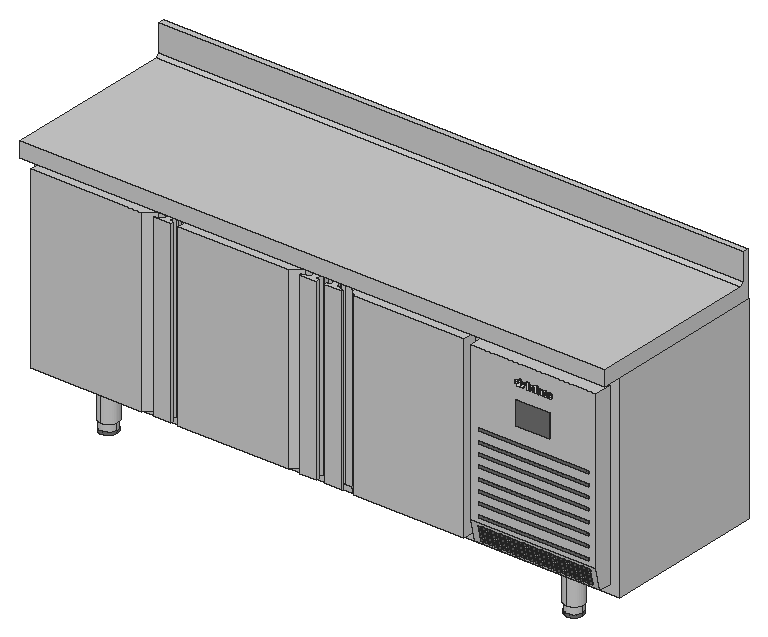
Revit family "QF_INFRICO_BMPP2000II_250812082759", category Specialty Equipment, Revit 2021
Family settings
  Round Connector Dimension = Use Diameter
  Part Type = Normal
  OmniClass Number = 23.40.40.14
  OmniClass Title = Food Service Equipment
  Work Plane-Based = No
  Always vertical = Yes
  Cut with Voids When Loaded = No
  Shared = No
  Room Calculation Point = No
Parameters (values of type "BMPP2000II-R290")
  Weight [instance] = 149.998 kg
  Waste Water Discharge Temperature [instance] = 0 °C
  Waste Remarks [instance] = ""
  Warranty Start Date [instance] = ""
  Warranty Duration [instance] = ""
  Volts [instance] = 230 V
  Volt Free Conn [instance] = no
  URL Recommended Spares List [instance] = ""
  URL Manufacturer [instance] = ""
  URL Cutsheet [instance] = ""
  URL Critical Spares List [instance] = ""
  URL = "www.infrico.com"
  Technical Documentation [instance] = ""
  Tag Number [instance] = ""
  Status [instance] = ""
  Start Up Current [instance] = 0 A
  Specification by User [instance] = ""
  Specification by Manufacturer [instance] = ""
  Sound Level [instance] = ""
  Show Logo [instance] = yes
  Show Clearances [instance] = yes
  Service Life Duration [instance] = ""
  Serial Number [instance] = ""
  Seismic Rating [instance] = ""
  SMACNA No [instance] = ""
  Revision Code [instance] = ""
  Revision [instance] = ""
  Production Year [instance] = ""
  Potential Equalisation [instance] = no
  Point Load [instance] = 0
  Plumbing Connection Type [instance] = ""
  Phase [instance] = 1
  Other Equipment Approvals [instance] = ""
  Operational Current [instance] = 0 A
  Number of Poles [instance] = 2
  No Load Power Draw [instance] = no
  NAFEM Spec ID Number [instance] = ""
  Model Warning [instance] = ""
  Model = "BMPP2000II"
  Min Ckt Ampacity [instance] = 0 A
  Max Overcurrent Protection [instance] = 0 A
  Masterspec [instance] = ""
  Manufacturer = "INFRICO"
  Main switch integrated [instance] = no
  Length Actual [instance] = 1960.118 mm
  Item Number [instance] = ""
  Installed By [instance] = ""
  Installation Date [instance] = ""
  Indirect Waste Size [instance] = 19.05 mm
  Indirect Waste Remarks [instance] = ""
  Indirect Waste Flow [instance] = 0.0 L/s
  Indirect Waste Connection Type [instance] = ""
  Indirect Waste Connection Height [instance] = 0 mm
  Identify Quantity as Lot [instance] = no
  ID [instance] = ""
  Hygiene Approval [instance] = ""
  Height Actual [instance] = 849.884 mm
  HP power [instance] = ""
  Furnished By [instance] = ""
  Foodservice Equipment Identifier [instance] = no
  FL Amps [instance] = 0 A
  Electrical Remarks [instance] = ""
  Electric power [instance] = 190 W
  Electric Connection Type [instance] = ""
  Elec Conn RI Height [instance] = 0 mm
  Elec Conn Connection Height [instance] = 0 mm
  ETL Approved [instance] = no
  Direct Waste Water Discharge Temperature [instance] = -273.15 °C
  Direct Waste Size [instance] = 19.05 mm
  Direct Waste RI Height [instance] = 0 mm
  Direct Waste Flow [instance] = 0.0 L/s
  Direct Waste Connection Height [instance] = 0 mm
  Description = "UNDERCOUNTER REFRIGERATOR 600 SERIES - R290"
  Depth Actual [instance] = 599.948 mm
  Default Elevation = 0 mm
  Cycle [instance] = 50 Hz
  Cost = 0
  Connection to energy optimisation system [instance] = yes
  Conn Plug [instance] = ""
  Conn Conduit [instance] = no
  Centralized building control system with digital interface [instance] = ""
  CSI MasterFormat [instance] = ""
  CE Approved [instance] = no
  Barcode [instance] = 0
  Author [instance] = ""
  Asset Identifier [instance] = ""
  Apparent Power [instance] = 190 VA
  Accessory [instance] = no
Reference planes
  plane 1 "Center (Front/Back)": y = 0
  plane 2: z = 0
  plane 3 "Center (Left/Right)": x = 0
Forms (mm)
  Extrusion 1, solid, not visible
    sketch origin (787.038, -112.005, 142.007) x (1, 0, 0) y (0, 1, 0)
      loop
        line (-2, 2) -> (-2, -2) -> (2, -2) -> (2, 2) -> (-2, 2)
    from -2 to 2
  Extrusion 2, solid, not visible
    sketch origin (1898.593, -61.503, 142.007) x (1, 0, 0) y (0, 1, 0)
      loop
        line (-2, 2) -> (-2, -2) -> (2, -2) -> (2, 2) -> (-2, 2)
    from -2 to 2
Dimensions and locks
  locked: nested 2 to Extrusion 1 at 2  (x2)
  locked: nested 3 to Extrusion 2 at 2  (x2)
  aligned and locked: level to plane 2
Nested families
  nested 1: "QF_INFRICO_BMPP2000_2920" at (0, 0, 140), type "BMPP2000II-R290"
    with Weight 149.998 kg, Warranty Start Date "", Warranty Duration "", URL Cutsheet "", Technical Documentation "", Tag Number "", Status "", Specification by User "", Specification by Manufacturer "", Sound Level "", Solid Fuel Type "", Show Logo yes, Show Clearances yes, Show Clearance yes, Service Life Duration "", Serial Number "", Seismic Rating "", SMACNA No "", Revision Code "", Revision "", Production Year "", Point Load 0, Other Equipment Approvals "", NAFEM Spec ID Number "", Model Warning "", Masterspec "", Length Actual 1960.118 mm, Item Number "", Installed By "", Installation Date "", Identify Quantity as Lot yes, ID "", Hygiene Approval "", Height Actual 849.884 mm, Furnished By "", Foodservice Equipment Identifier yes, ETL Approved yes, Depth Actual 599.948 mm, CSI MasterFormat "", CE Approved no, Barcode "", Author "", Asset Identifier "", Accessory no
  nested 2: "CONN_POINT_DRAIN_2D___Generic_Annotation" at (787.038, -112.005, 140.007), type "CONN_POINT_DRAIN_2D___Generic_Annotation"
    with Onboard connection annotation symbol visibility yes
  nested 3: "CONN_POINT_ELE_2D___Generic_Annotation" at (1898.593, -61.503, 140.007), type "CONN_POINT_ELE_2D___Generic_Annotation"
    with Onboard connection annotation symbol visibility yes
  nested 4: "QF_INFRICO_BMGN_DOOR_SX_4851" at (22, -538, 168), type "BMGN_DOOR_SX"
    with Weight 0.00 kg, Warranty Start Date "", Warranty Duration "", URL Cutsheet "", Technical Documentation "", Tag Number "", Status "", Specification by User "", Specification by Manufacturer "", Sound Level "", Solid Fuel Type "", Show Logo yes, Show Clearances yes, Show Clearance yes, Service Life Duration "", Serial Number "", Seismic Rating "", SMACNA No "", Revision Code "", Revision "", Production Year "", Point Load 0, Other Equipment Approvals "", NAFEM Spec ID Number "", Model Warning "", Masterspec "", Length Actual 467.106 mm, Item Number "", Installed By "", Installation Date "", Identify Quantity as Lot yes, ID "", Hygiene Approval "", Height Actual 596.9 mm, Furnished By "", Foodservice Equipment Identifier yes, ETL Approved yes, Depth Actual 54.102 mm, CSI MasterFormat "", CE Approved no, Barcode "", Author "", Asset Identifier "", Accessory yes
  nested 5: "QF_INFRICO_BMGN_DOOR_SX_5632" at (514, -538, 168), type "BMGN_DOOR_SX"
    with Weight 0.00 kg, Warranty Start Date "", Warranty Duration "", URL Cutsheet "", Technical Documentation "", Tag Number "", Status "", Specification by User "", Specification by Manufacturer "", Sound Level "", Solid Fuel Type "", Show Logo yes, Show Clearances yes, Show Clearance yes, Service Life Duration "", Serial Number "", Seismic Rating "", SMACNA No "", Revision Code "", Revision "", Production Year "", Point Load 0, Other Equipment Approvals "", NAFEM Spec ID Number "", Model Warning "", Masterspec "", Length Actual 467.106 mm, Item Number "", Installed By "", Installation Date "", Identify Quantity as Lot yes, ID "", Hygiene Approval "", Height Actual 596.9 mm, Furnished By "", Foodservice Equipment Identifier yes, ETL Approved yes, Depth Actual 54.102 mm, CSI MasterFormat "", CE Approved no, Barcode "", Author "", Asset Identifier "", Accessory yes
  nested 6: "QF_INFRICO_BMGN_DOOR_DX_6409" at (1006, -538, 168), type "BMGN_DOOR_DX"
    with Weight 0.00 kg, Warranty Start Date "", Warranty Duration "", URL Cutsheet "", Technical Documentation "", Tag Number "", Status "", Specification by User "", Specification by Manufacturer "", Sound Level "", Solid Fuel Type "", Show Logo yes, Show Clearances yes, Show Clearance yes, Service Life Duration "", Serial Number "", Seismic Rating "", SMACNA No "", Revision Code "", Revision "", Production Year "", Point Load 0, Other Equipment Approvals "", NAFEM Spec ID Number "", Model Warning "", Masterspec "", Length Actual 467.106 mm, Item Number "", Installed By "", Installation Date "", Identify Quantity as Lot yes, ID "", Hygiene Approval "", Height Actual 596.9 mm, Furnished By "", Foodservice Equipment Identifier yes, ETL Approved yes, Depth Actual 54.102 mm, CSI MasterFormat "", CE Approved no, Barcode "", Author "", Asset Identifier "", Accessory yes
  nested 7: "QF_INFRICO_WORKTOP_BACKSPLASH_7186" at (0, 0, 800), type "ENC12CPBM20"
    with Weight 0.00 kg, Warranty Start Date "", Warranty Duration "", URL Cutsheet "", Technical Documentation "", Tag Number "", Status "", Specification by User "", Specification by Manufacturer "", Sound Level "", Solid Fuel Type "", Show Logo yes, Show Clearances yes, Show Clearance yes, Service Life Duration "", Serial Number "", Seismic Rating "", SMACNA No "", Revision Code "", Revision "", Production Year "", Point Load 0, Other Equipment Approvals "", NAFEM Spec ID Number "", Model Warning "", Masterspec "", Length Actual 1960.118 mm, Item Number "", Installed By "", Installation Date "", Identify Quantity as Lot yes, ID "", Hygiene Approval "", Height Actual 150.114 mm, Furnished By "", Foodservice Equipment Identifier yes, ETL Approved yes, Depth Actual 599.948 mm, CSI MasterFormat "", CE Approved no, Barcode "", Author "", Asset Identifier "", Accessory yes
  nested 8: "QF_INFRICO_LEGS_8022" at (0, 0, 0), type "LEGS_1960_600"
    with Weight 0.00 kg, Warranty Start Date "", Warranty Duration "", URL Cutsheet "", Technical Documentation "", Tag Number "", Status "", Specification by User "", Specification by Manufacturer "", Sound Level "", Solid Fuel Type "", Show Logo yes, Show Clearances yes, Show Clearance yes, Service Life Duration "", Serial Number "", Seismic Rating "", SMACNA No "", Revision Code "", Revision "", Production Year "", Point Load 0, Other Equipment Approvals "", NAFEM Spec ID Number "", Model Warning "", Masterspec "", Length Actual 1960.118 mm, Item Number "", Installed By "", Installation Date "", Identify Quantity as Lot yes, ID "", Hygiene Approval "", Height Actual 139.954 mm, Furnished By "", Foodservice Equipment Identifier yes, ETL Approved yes, Depth Actual 599.948 mm, CSI MasterFormat "", CE Approved no, Barcode "", Author "", Asset Identifier "", Accessory yes
Connectors
  piping at (787.038, -112.005, 140.007), diameter 19.05, driven by "Indirect Waste Size", driven by "Direct Waste Flow"
    settings: on Extrusion 1, index 1, connector inside diameter 609.6 mm, connector length 0 mm, flow factor 0, pipe flow 0.0 L/s, pressure drop 0.0 Pa, fitting loss kfactor 0, connector angle 0.00°, fixture units 0, engagement length 0 mm, angle of deflection 0.00°, flow configuration 1, flow direction 2, fitting loss method 0, system type 16, joint type 0, gender type 0, connector reference index -1, connector utility 0, adjustable connector no, is connector primary yes, connector description "Waste connection for BMPP2000II"
  electrical at (1898.593, -61.503, 140.007), driven by "Apparent Power", driven by "Number of Poles", driven by "Volts"
    settings: on Extrusion 2, index 2, voltage 230 V, apparent load 0 VA, apparent load phase1 190 VA, apparent load phase2 0 VA, apparent load phase3 0 VA, power factor 1, load classification "Other", number of poles 2, system type 31, power factor state 1, is connector primary yes, connector utility no, sub classification motor no, connector description "Electrical connection for BMPP2000II"
Definition of nested family "QF_INFRICO_BMPP2000_2920"
  Parameters (values of type "BMPPF2000II-R290")
    Weight [instance] = 0.00 kg
    Warranty Start Date [instance] = ""
    Warranty Duration [instance] = ""
    URL Cutsheet [instance] = ""
    URL = "www.infrico.com"
    Technical Documentation [instance] = ""
    Tag Number [instance] = ""
    Status [instance] = ""
    Specification by User [instance] = ""
    Specification by Manufacturer [instance] = ""
    Sound Level [instance] = ""
    Solid Fuel Type [instance] = ""
    Show Logo [instance] = yes
    Show Clearances [instance] = yes
    Show Clearance [instance] = yes
    Service Life Duration [instance] = ""
    Serial Number [instance] = ""
    Seismic Rating [instance] = ""
    SMACNA No [instance] = ""
    Revision Code [instance] = ""
    Revision [instance] = ""
    Production Year [instance] = ""
    Point Load [instance] = 0
    Other Equipment Approvals [instance] = ""
    NAFEM Spec ID Number [instance] = ""
    Model Warning [instance] = ""
    Model = "BMPPF2000II"
    Masterspec [instance] = ""
    Manufacturer = "INFRICO"
    Length Actual [instance] = 0 mm
    Item Number [instance] = ""
    Installed By [instance] = ""
    Installation Date [instance] = ""
    Identify Quantity as Lot [instance] = yes
    ID [instance] = ""
    Hygiene Approval [instance] = ""
    Height Actual [instance] = 0 mm
    Furnished By [instance] = ""
    Foodservice Equipment Identifier [instance] = yes
    ETL Approved [instance] = yes
    Description = "SINK UNDERCOUNTER REFRIGERATOR 600 SERIES - R290"
    Depth Actual [instance] = 0 mm
    Default Elevation = 0 mm
    CSI MasterFormat [instance] = ""
    CE Approved [instance] = yes
    Barcode [instance] = ""
    Author [instance] = ""
    Asset Identifier [instance] = ""
    Assembly Code = "E1090320"
    Accessory [instance] = yes
  Types (6, lengths in mm): name | Model | Description
    BMPP2000II | "BMPP2000II" | "UNDERCOUNTER REFRIGERATOR 600 SERIES - R134A"
    BMPP2000BT | "BMPP2000BT" | "UNDERCOUNTER FREEZER 600 SERIES - R290"
    BMPP2000CR | "BMPP2000CR" | "GLASS DOOR UNDERCOUNTER REFRIGERATOR 600 SERIES - R134A"
    BMPPF2000II | "BMPPF2000II" | "SINK UNDERCOUNTER REFRIGERATOR 600 SERIES - R134A"
    BMPP2000II-R290 | "BMPP2000II" | "UNDERCOUNTER REFRIGERATOR 600 SERIES - R290"
    BMPPF2000II-R290 | "BMPPF2000II" | "SINK UNDERCOUNTER REFRIGERATOR 600 SERIES - R290"
  Reference planes
    plane 1 "Back": y = 0
    plane 2: z = 0
    plane 3 "Left": x = 0
    plane 4 "Right": x = 1960
    plane 5 "Front": y = -600
    plane 6 "Top": z = 660
  Forms (mm)
    Extrusion 1, solid
      sketch origin (492, 100, -140) x (0, 1, 0) y (0, 0, 1)
        loop
          line (-638.02, 765.292) -> (-695.03, 765.292) -> (-695.03, 238.436) -> (-678.769, 168) -> (-638.02, 168) -> (-638.02, 765.292)
      from 1013.993 to 1433.993
    Extrusion 2, void
      sketch origin (0, 0, -140) x (1, 0, 0) y (0, 0, 1)
        loop
          line (60, 200) -> (1410, 200) -> (1410, 740) -> (60, 740) -> (60, 200)
      from 60 to 538.02
    Extrusion 3, solid
      sketch origin (-1508, -593.13, -140) x (1, 0, 0) y (0, 0, 1)
        loop
          line (3408.016, 523.949) -> (3040.73, 523.949) -> (3040.73, 514.949) -> (3408.016, 514.949) -> (3408.016, 523.949)
        loop
          line (3408.016, 486.949) -> (3040.73, 486.949) -> (3040.73, 477.949) -> (3408.016, 477.949) -> (3408.016, 486.949)
        loop
          line (3408.016, 449.949) -> (3040.73, 449.949) -> (3040.73, 440.949) -> (3408.016, 440.949) -> (3408.016, 449.949)
        loop
          line (3408.016, 412.949) -> (3040.73, 412.949) -> (3040.73, 403.949) -> (3408.016, 403.949) -> (3408.016, 412.949)
        loop
          line (3408.016, 375.949) -> (3040.73, 375.949) -> (3040.73, 366.949) -> (3408.016, 366.949) -> (3408.016, 375.949)
        loop
          line (3408.016, 338.949) -> (3040.73, 338.949) -> (3040.73, 329.949) -> (3408.016, 329.949) -> (3408.016, 338.949)
        loop
          line (3408.016, 301.949) -> (3040.73, 301.949) -> (3040.73, 292.949) -> (3408.016, 292.949) -> (3408.016, 301.949)
        loop
          line (3408.016, 264.949) -> (3040.73, 264.949) -> (3040.73, 255.949) -> (3408.016, 255.949) -> (3408.016, 264.949)
      from 0 to 2
    Extrusion 4, solid
      sketch origin (-1508, -539.263, -134.673) x (1, 0, 0) y (0, -0.224951, 0.97437)
        loop
          line (3036.73, 215.974) -> (3036.73, 205.974) -> (3046.73, 205.974) -> (3046.73, 215.974) -> (3036.73, 215.974)
        loop
          line (3036.73, 230.769) -> (3036.73, 220.769) -> (3046.73, 220.769) -> (3046.73, 230.769) -> (3036.73, 230.769)
        loop
          line (3036.73, 186.385) -> (3036.73, 176.385) -> (3046.73, 176.385) -> (3046.73, 186.385) -> (3036.73, 186.385)
        loop
          line (3036.73, 201.179) -> (3036.73, 191.179) -> (3046.73, 191.179) -> (3046.73, 201.179) -> (3036.73, 201.179)
        loop
          line (3051.938, 215.974) -> (3051.938, 205.974) -> (3061.938, 205.974) -> (3061.938, 215.974) -> (3051.938, 215.974)
        loop
          line (3051.938, 230.769) -> (3051.938, 220.769) -> (3061.938, 220.769) -> (3061.938, 230.769) -> (3051.938, 230.769)
        loop
          line (3051.938, 186.385) -> (3051.938, 176.385) -> (3061.938, 176.385) -> (3061.938, 186.385) -> (3051.938, 186.385)
        loop
          line (3051.938, 201.179) -> (3051.938, 191.179) -> (3061.938, 191.179) -> (3061.938, 201.179) -> (3051.938, 201.179)
        loop
          line (3067.147, 215.974) -> (3067.147, 205.974) -> (3077.147, 205.974) -> (3077.147, 215.974) -> (3067.147, 215.974)
        loop
          line (3067.147, 230.769) -> (3067.147, 220.769) -> (3077.147, 220.769) -> (3077.147, 230.769) -> (3067.147, 230.769)
        loop
          line (3067.147, 186.385) -> (3067.147, 176.385) -> (3077.147, 176.385) -> (3077.147, 186.385) -> (3067.147, 186.385)
        loop
          line (3067.147, 201.179) -> (3067.147, 191.179) -> (3077.147, 191.179) -> (3077.147, 201.179) -> (3067.147, 201.179)
        loop
          line (3082.355, 215.974) -> (3082.355, 205.974) -> (3092.355, 205.974) -> (3092.355, 215.974) -> (3082.355, 215.974)
        loop
          line (3082.355, 230.769) -> (3082.355, 220.769) -> (3092.355, 220.769) -> (3092.355, 230.769) -> (3082.355, 230.769)
        loop
          line (3082.355, 186.385) -> (3082.355, 176.385) -> (3092.355, 176.385) -> (3092.355, 186.385) -> (3082.355, 186.385)
        loop
          line (3082.355, 201.179) -> (3082.355, 191.179) -> (3092.355, 191.179) -> (3092.355, 201.179) -> (3082.355, 201.179)
        loop
          line (3097.563, 215.974) -> (3097.563, 205.974) -> (3107.563, 205.974) -> (3107.563, 215.974) -> (3097.563, 215.974)
        loop
          line (3097.563, 230.769) -> (3097.563, 220.769) -> (3107.563, 220.769) -> (3107.563, 230.769) -> (3097.563, 230.769)
        loop
          line (3097.563, 186.385) -> (3097.563, 176.385) -> (3107.563, 176.385) -> (3107.563, 186.385) -> (3097.563, 186.385)
        loop
          line (3097.563, 201.179) -> (3097.563, 191.179) -> (3107.563, 191.179) -> (3107.563, 201.179) -> (3097.563, 201.179)
        loop
          line (3112.772, 215.974) -> (3112.772, 205.974) -> (3122.772, 205.974) -> (3122.772, 215.974) -> (3112.772, 215.974)
        loop
          line (3112.772, 230.769) -> (3112.772, 220.769) -> (3122.772, 220.769) -> (3122.772, 230.769) -> (3112.772, 230.769)
        loop
          line (3112.772, 186.385) -> (3112.772, 176.385) -> (3122.772, 176.385) -> (3122.772, 186.385) -> (3112.772, 186.385)
        loop
          line (3112.772, 201.179) -> (3112.772, 191.179) -> (3122.772, 191.179) -> (3122.772, 201.179) -> (3112.772, 201.179)
        loop
          line (3127.98, 215.974) -> (3127.98, 205.974) -> (3137.98, 205.974) -> (3137.98, 215.974) -> (3127.98, 215.974)
        loop
          line (3127.98, 230.769) -> (3127.98, 220.769) -> (3137.98, 220.769) -> (3137.98, 230.769) -> (3127.98, 230.769)
        loop
          line (3127.98, 186.385) -> (3127.98, 176.385) -> (3137.98, 176.385) -> (3137.98, 186.385) -> (3127.98, 186.385)
        loop
          line (3127.98, 201.179) -> (3127.98, 191.179) -> (3137.98, 191.179) -> (3137.98, 201.179) -> (3127.98, 201.179)
        loop
          line (3143.188, 215.974) -> (3143.188, 205.974) -> (3153.188, 205.974) -> (3153.188, 215.974) -> (3143.188, 215.974)
        loop
          line (3143.188, 230.769) -> (3143.188, 220.769) -> (3153.188, 220.769) -> (3153.188, 230.769) -> (3143.188, 230.769)
        loop
          line (3143.188, 186.385) -> (3143.188, 176.385) -> (3153.188, 176.385) -> (3153.188, 186.385) -> (3143.188, 186.385)
        loop
          line (3143.188, 201.179) -> (3143.188, 191.179) -> (3153.188, 191.179) -> (3153.188, 201.179) -> (3143.188, 201.179)
        loop
          line (3158.397, 215.974) -> (3158.397, 205.974) -> (3168.397, 205.974) -> (3168.397, 215.974) -> (3158.397, 215.974)
        loop
          line (3158.397, 230.769) -> (3158.397, 220.769) -> (3168.397, 220.769) -> (3168.397, 230.769) -> (3158.397, 230.769)
        loop
          line (3158.397, 186.385) -> (3158.397, 176.385) -> (3168.397, 176.385) -> (3168.397, 186.385) -> (3158.397, 186.385)
        loop
          line (3158.397, 201.179) -> (3158.397, 191.179) -> (3168.397, 191.179) -> (3168.397, 201.179) -> (3158.397, 201.179)
        loop
          line (3173.605, 215.974) -> (3173.605, 205.974) -> (3183.605, 205.974) -> (3183.605, 215.974) -> (3173.605, 215.974)
        loop
          line (3173.605, 230.769) -> (3173.605, 220.769) -> (3183.605, 220.769) -> (3183.605, 230.769) -> (3173.605, 230.769)
        loop
          line (3173.605, 186.385) -> (3173.605, 176.385) -> (3183.605, 176.385) -> (3183.605, 186.385) -> (3173.605, 186.385)
        loop
          line (3173.605, 201.179) -> (3173.605, 191.179) -> (3183.605, 191.179) -> (3183.605, 201.179) -> (3173.605, 201.179)
        loop
          line (3188.813, 215.974) -> (3188.813, 205.974) -> (3198.813, 205.974) -> (3198.813, 215.974) -> (3188.813, 215.974)
        loop
          line (3188.813, 230.769) -> (3188.813, 220.769) -> (3198.813, 220.769) -> (3198.813, 230.769) -> (3188.813, 230.769)
        loop
          line (3188.813, 186.385) -> (3188.813, 176.385) -> (3198.813, 176.385) -> (3198.813, 186.385) -> (3188.813, 186.385)
        loop
          line (3188.813, 201.179) -> (3188.813, 191.179) -> (3198.813, 191.179) -> (3198.813, 201.179) -> (3188.813, 201.179)
        loop
          line (3204.022, 215.974) -> (3204.022, 205.974) -> (3214.022, 205.974) -> (3214.022, 215.974) -> (3204.022, 215.974)
        loop
          line (3204.022, 230.769) -> (3204.022, 220.769) -> (3214.022, 220.769) -> (3214.022, 230.769) -> (3204.022, 230.769)
        loop
          line (3204.022, 186.385) -> (3204.022, 176.385) -> (3214.022, 176.385) -> (3214.022, 186.385) -> (3204.022, 186.385)
        loop
          line (3204.022, 201.179) -> (3204.022, 191.179) -> (3214.022, 191.179) -> (3214.022, 201.179) -> (3204.022, 201.179)
        loop
          line (3219.23, 215.974) -> (3219.23, 205.974) -> (3229.23, 205.974) -> (3229.23, 215.974) -> (3219.23, 215.974)
        loop
          line (3219.23, 230.769) -> (3219.23, 220.769) -> (3229.23, 220.769) -> (3229.23, 230.769) -> (3219.23, 230.769)
        loop
          line (3219.23, 186.385) -> (3219.23, 176.385) -> (3229.23, 176.385) -> (3229.23, 186.385) -> (3219.23, 186.385)
        loop
          line (3219.23, 201.179) -> (3219.23, 191.179) -> (3229.23, 191.179) -> (3229.23, 201.179) -> (3219.23, 201.179)
        loop
          line (3234.438, 215.974) -> (3234.438, 205.974) -> (3244.438, 205.974) -> (3244.438, 215.974) -> (3234.438, 215.974)
        loop
          line (3234.438, 230.769) -> (3234.438, 220.769) -> (3244.438, 220.769) -> (3244.438, 230.769) -> (3234.438, 230.769)
        loop
          line (3234.438, 186.385) -> (3234.438, 176.385) -> (3244.438, 176.385) -> (3244.438, 186.385) -> (3234.438, 186.385)
        loop
          line (3234.438, 201.179) -> (3234.438, 191.179) -> (3244.438, 191.179) -> (3244.438, 201.179) -> (3234.438, 201.179)
        loop
          line (3249.647, 215.974) -> (3249.647, 205.974) -> (3259.647, 205.974) -> (3259.647, 215.974) -> (3249.647, 215.974)
        loop
          line (3249.647, 230.769) -> (3249.647, 220.769) -> (3259.647, 220.769) -> (3259.647, 230.769) -> (3249.647, 230.769)
        loop
          line (3249.647, 186.385) -> (3249.647, 176.385) -> (3259.647, 176.385) -> (3259.647, 186.385) -> (3249.647, 186.385)
        loop
          line (3249.647, 201.179) -> (3249.647, 191.179) -> (3259.647, 191.179) -> (3259.647, 201.179) -> (3249.647, 201.179)
        loop
          line (3264.855, 215.974) -> (3264.855, 205.974) -> (3274.855, 205.974) -> (3274.855, 215.974) -> (3264.855, 215.974)
        loop
          line (3264.855, 230.769) -> (3264.855, 220.769) -> (3274.855, 220.769) -> (3274.855, 230.769) -> (3264.855, 230.769)
        loop
          line (3264.855, 186.385) -> (3264.855, 176.385) -> (3274.855, 176.385) -> (3274.855, 186.385) -> (3264.855, 186.385)
        loop
          line (3264.855, 201.179) -> (3264.855, 191.179) -> (3274.855, 191.179) -> (3274.855, 201.179) -> (3264.855, 201.179)
        loop
          line (3280.063, 215.974) -> (3280.063, 205.974) -> (3290.063, 205.974) -> (3290.063, 215.974) -> (3280.063, 215.974)
        loop
          line (3280.063, 230.769) -> (3280.063, 220.769) -> (3290.063, 220.769) -> (3290.063, 230.769) -> (3280.063, 230.769)
        loop
          line (3280.063, 186.385) -> (3280.063, 176.385) -> (3290.063, 176.385) -> (3290.063, 186.385) -> (3280.063, 186.385)
        loop
          line (3280.063, 201.179) -> (3280.063, 191.179) -> (3290.063, 191.179) -> (3290.063, 201.179) -> (3280.063, 201.179)
        loop
          line (3295.272, 215.974) -> (3295.272, 205.974) -> (3305.272, 205.974) -> (3305.272, 215.974) -> (3295.272, 215.974)
        loop
          line (3295.272, 230.769) -> (3295.272, 220.769) -> (3305.272, 220.769) -> (3305.272, 230.769) -> (3295.272, 230.769)
        loop
          line (3295.272, 186.385) -> (3295.272, 176.385) -> (3305.272, 176.385) -> (3305.272, 186.385) -> (3295.272, 186.385)
        loop
          line (3295.272, 201.179) -> (3295.272, 191.179) -> (3305.272, 191.179) -> (3305.272, 201.179) -> (3295.272, 201.179)
        loop
          line (3310.48, 215.974) -> (3310.48, 205.974) -> (3320.48, 205.974) -> (3320.48, 215.974) -> (3310.48, 215.974)
        loop
          line (3310.48, 230.769) -> (3310.48, 220.769) -> (3320.48, 220.769) -> (3320.48, 230.769) -> (3310.48, 230.769)
        loop
          line (3310.48, 186.385) -> (3310.48, 176.385) -> (3320.48, 176.385) -> (3320.48, 186.385) -> (3310.48, 186.385)
        loop
          line (3310.48, 201.179) -> (3310.48, 191.179) -> (3320.48, 191.179) -> (3320.48, 201.179) -> (3310.48, 201.179)
        loop
          line (3325.688, 215.974) -> (3325.688, 205.974) -> (3335.688, 205.974) -> (3335.688, 215.974) -> (3325.688, 215.974)
        loop
          line (3325.688, 230.769) -> (3325.688, 220.769) -> (3335.688, 220.769) -> (3335.688, 230.769) -> (3325.688, 230.769)
        loop
          line (3325.688, 186.385) -> (3325.688, 176.385) -> (3335.688, 176.385) -> (3335.688, 186.385) -> (3325.688, 186.385)
        loop
          line (3325.688, 201.179) -> (3325.688, 191.179) -> (3335.688, 191.179) -> (3335.688, 201.179) -> (3325.688, 201.179)
        loop
          line (3340.897, 215.974) -> (3340.897, 205.974) -> (3350.897, 205.974) -> (3350.897, 215.974) -> (3340.897, 215.974)
        loop
          line (3340.897, 230.769) -> (3340.897, 220.769) -> (3350.897, 220.769) -> (3350.897, 230.769) -> (3340.897, 230.769)
        loop
          line (3340.897, 186.385) -> (3340.897, 176.385) -> (3350.897, 176.385) -> (3350.897, 186.385) -> (3340.897, 186.385)
        loop
          line (3340.897, 201.179) -> (3340.897, 191.179) -> (3350.897, 191.179) -> (3350.897, 201.179) -> (3340.897, 201.179)
        loop
          line (3356.105, 215.974) -> (3356.105, 205.974) -> (3366.105, 205.974) -> (3366.105, 215.974) -> (3356.105, 215.974)
        loop
          line (3356.105, 230.769) -> (3356.105, 220.769) -> (3366.105, 220.769) -> (3366.105, 230.769) -> (3356.105, 230.769)
        loop
          line (3356.105, 186.385) -> (3356.105, 176.385) -> (3366.105, 176.385) -> (3366.105, 186.385) -> (3356.105, 186.385)
        loop
          line (3356.105, 201.179) -> (3356.105, 191.179) -> (3366.105, 191.179) -> (3366.105, 201.179) -> (3356.105, 201.179)
        loop
          line (3371.313, 215.974) -> (3371.313, 205.974) -> (3381.313, 205.974) -> (3381.313, 215.974) -> (3371.313, 215.974)
        loop
          line (3371.313, 230.769) -> (3371.313, 220.769) -> (3381.313, 220.769) -> (3381.313, 230.769) -> (3371.313, 230.769)
        loop
          line (3371.313, 186.385) -> (3371.313, 176.385) -> (3381.313, 176.385) -> (3381.313, 186.385) -> (3371.313, 186.385)
        loop
          line (3371.313, 201.179) -> (3371.313, 191.179) -> (3381.313, 191.179) -> (3381.313, 201.179) -> (3371.313, 201.179)
        loop
          line (3386.522, 215.974) -> (3386.522, 205.974) -> (3396.522, 205.974) -> (3396.522, 215.974) -> (3386.522, 215.974)
        loop
          line (3386.522, 230.769) -> (3386.522, 220.769) -> (3396.522, 220.769) -> (3396.522, 230.769) -> (3386.522, 230.769)
        loop
          line (3386.522, 186.385) -> (3386.522, 176.385) -> (3396.522, 176.385) -> (3396.522, 186.385) -> (3386.522, 186.385)
        loop
          line (3386.522, 201.179) -> (3386.522, 191.179) -> (3396.522, 191.179) -> (3396.522, 201.179) -> (3386.522, 201.179)
        loop
          line (3401.73, 215.974) -> (3401.73, 205.974) -> (3411.73, 205.974) -> (3411.73, 215.974) -> (3401.73, 215.974)
        loop
          line (3401.73, 230.769) -> (3401.73, 220.769) -> (3411.73, 220.769) -> (3411.73, 230.769) -> (3401.73, 230.769)
        loop
          line (3401.73, 186.385) -> (3401.73, 176.385) -> (3411.73, 176.385) -> (3411.73, 186.385) -> (3401.73, 186.385)
        loop
          line (3401.73, 201.179) -> (3401.73, 191.179) -> (3411.73, 191.179) -> (3411.73, 201.179) -> (3401.73, 201.179)
      from 0 to 2
    Extrusion 5, solid, visible <- "Show Logo"
      sketch origin (491.014, -593.13, -140) x (1, 0, 0) y (0, 0, 1)
        loop
          line (1208.799, 696.53) -> (1208.799, 719.204) -> (1204.173, 719.204) -> (1204.173, 696.53) -> (1208.799, 696.53)
        loop
          line (1214.779, 713.006) -> (1211.283, 713.006) -> (1211.283, 696.53) -> (1215.772, 696.53) -> (1215.772, 707.832)
          arc (1215.772, 707.832) -> (1217.528, 708.741) -> (1219.417, 709.324) r 11.052
          arc (1219.417, 709.324) -> (1220.929, 708.961) -> (1221.598, 707.557) r 1.806
          line (1221.598, 707.557) -> (1221.598, 696.53) -> (1226.121, 696.53) -> (1226.121, 708.689)
          arc (1226.121, 708.689) -> (1224.637, 712.075) -> (1221.141, 713.281) r 4.607
          arc (1221.141, 713.281) -> (1218.282, 712.674) -> (1215.669, 711.361) r 11.435
          line (1215.669, 711.361) -> (1215.601, 712.184)
          arc (1215.601, 712.184) -> (1215.36, 712.765) -> (1214.779, 713.006) r 0.822
        loop
          line (1238.557, 720.102) -> (1237.306, 720.102)
          arc (1237.306, 720.102) -> (1235.052, 719.926) -> (1232.881, 719.297) r 11.103
          arc (1232.881, 719.297) -> (1230.805, 717.616) -> (1230.024, 715.062) r 4.567
          line (1230.024, 715.062) -> (1230.024, 712.909) -> (1227.351, 712.703) -> (1227.351, 709.374) -> (1230.024, 709.374) -> (1230.024, 696.53) -> (1234.547, 696.53) -> (1234.547, 709.374) -> (1238.249, 709.374) -> (1238.249, 712.938) -> (1234.547, 712.938) -> (1234.547, 714.548)
          arc (1234.547, 714.548) -> (1234.956, 715.705) -> (1236.045, 716.271) r 1.67
          line (1236.045, 716.271) -> (1237.7, 716.399)
          arc (1237.7, 716.399) -> (1238.306, 716.65) -> (1238.557, 717.255) r 0.857
          line (1238.557, 717.255) -> (1238.557, 720.102)
        loop
          line (1239.479, 713.006) -> (1239.479, 696.53) -> (1243.968, 696.53) -> (1243.968, 707.352)
          arc (1243.968, 707.352) -> (1245.873, 708.631) -> (1248.077, 709.268) r 7.435
          line (1248.077, 709.268) -> (1249.241, 709.416)
          arc (1249.241, 709.416) -> (1249.643, 709.758) -> (1249.793, 710.265) r 0.928
          line (1249.793, 710.265) -> (1249.793, 712.458)
          arc (1249.793, 712.458) -> (1249.531, 713.061) -> (1248.912, 713.28) r 0.824
          arc (1248.912, 713.28) -> (1246.197, 712.588) -> (1243.899, 710.984) r 7.833
          line (1243.899, 710.984) -> (1243.726, 713.006) -> (1239.479, 713.006)
        loop
          line (1255.495, 696.53) -> (1255.495, 713.006) -> (1251.006, 713.006) -> (1251.006, 696.53) -> (1255.495, 696.53)
        loop
          arc (1257.421, 701.327) -> (1258.567, 698.188) -> (1261.466, 696.525) r 4.873
          arc (1261.466, 696.525) -> (1264.493, 696.266) -> (1267.521, 696.525) r 17.816
          arc (1267.521, 696.525) -> (1270.575, 699.134) -> (1271.505, 703.041) r 6.481
          line (1271.505, 703.041) -> (1267.187, 703.041) -> (1267.187, 701.67)
          arc (1267.187, 701.67) -> (1266.64, 700.452) -> (1265.442, 699.865) r 1.965
          arc (1265.442, 699.865) -> (1264.547, 699.816) -> (1263.653, 699.865) r 8.196
          arc (1263.653, 699.865) -> (1262.417, 700.415) -> (1261.91, 701.67) r 1.806
          line (1261.91, 701.67) -> (1261.91, 707.9)
          arc (1261.91, 707.9) -> (1262.417, 709.155) -> (1263.653, 709.705) r 1.806
          arc (1263.653, 709.705) -> (1264.547, 709.754) -> (1265.442, 709.705) r 8.196
          arc (1265.442, 709.705) -> (1266.64, 709.118) -> (1267.187, 707.9) r 1.965
          line (1267.187, 707.9) -> (1267.187, 706.838) -> (1271.505, 706.838)
          arc (1271.505, 706.838) -> (1270.524, 710.556) -> (1267.521, 712.959) r 6.132
          arc (1267.521, 712.959) -> (1264.493, 713.294) -> (1261.466, 712.959) r 13.851
          arc (1261.466, 712.959) -> (1258.571, 711.349) -> (1257.421, 708.243) r 4.772
          line (1257.421, 708.243) -> (1257.421, 701.327)
        loop
          arc (1272.916, 701.329) -> (1273.993, 698.345) -> (1276.726, 696.734) r 4.676
          arc (1276.726, 696.734) -> (1278.515, 696.455) -> (1280.318, 696.291) r 28.371
          arc (1280.318, 696.291) -> (1282.122, 696.455) -> (1283.911, 696.734) r 28.371
          arc (1283.911, 696.734) -> (1286.644, 698.345) -> (1287.72, 701.329) r 4.676
          line (1287.72, 701.329) -> (1287.72, 708.242)
          arc (1287.72, 708.242) -> (1286.644, 711.226) -> (1283.911, 712.837) r 4.676
          arc (1283.911, 712.837) -> (1282.122, 713.116) -> (1280.318, 713.28) r 28.371
          arc (1280.318, 713.28) -> (1278.515, 713.116) -> (1276.726, 712.837) r 28.371
          arc (1276.726, 712.837) -> (1273.993, 711.226) -> (1272.916, 708.242) r 4.676
          line (1272.916, 708.242) -> (1272.916, 701.329)
        loop
          line (1277.405, 707.866) -> (1277.405, 701.705)
          arc (1277.405, 701.705) -> (1277.844, 700.556) -> (1278.936, 699.991) r 1.725
          arc (1278.936, 699.991) -> (1279.627, 699.918) -> (1280.318, 699.856) r 46.133
          arc (1280.318, 699.856) -> (1281.01, 699.918) -> (1281.701, 699.991) r 46.133
          arc (1281.701, 699.991) -> (1282.793, 700.556) -> (1283.231, 701.705) r 1.725
          line (1283.231, 701.705) -> (1283.231, 707.866)
          arc (1283.231, 707.866) -> (1282.793, 709.015) -> (1281.701, 709.58) r 1.725
          arc (1281.701, 709.58) -> (1281.01, 709.653) -> (1280.318, 709.716) r 46.133
          arc (1280.318, 709.716) -> (1279.627, 709.653) -> (1278.936, 709.58) r 46.133
          arc (1278.936, 709.58) -> (1277.844, 709.015) -> (1277.405, 707.866) r 1.725
        loop
          arc (1190.339, 696.543) -> (1191.411, 696.987) -> (1191.856, 698.059) r 1.516
          line (1191.856, 698.059) -> (1191.856, 703.891) -> (1196.035, 703.891)
          arc (1196.035, 703.891) -> (1196.79, 704.121) -> (1197.218, 704.782) r 1.147
          line (1197.218, 704.782) -> (1197.218, 706.211)
          arc (1197.218, 706.211) -> (1196.787, 707.258) -> (1195.719, 707.634) r 1.385
          line (1195.719, 707.634) -> (1194.52, 707.634) -> (1197.218, 710.332)
          arc (1197.218, 710.332) -> (1197.605, 711.266) -> (1197.218, 712.2) r 1.321
          line (1197.218, 712.2) -> (1196.495, 712.923)
          arc (1196.495, 712.923) -> (1195.54, 713.338) -> (1194.558, 712.991) r 1.422
          line (1194.558, 712.991) -> (1191.853, 710.286) -> (1191.853, 711.479)
          arc (1191.853, 711.479) -> (1191.443, 712.516) -> (1190.435, 712.992) r 1.516
          line (1190.435, 712.992) -> (1189.514, 712.992)
          arc (1189.514, 712.992) -> (1188.511, 712.514) -> (1188.103, 711.479) r 1.516
          line (1188.103, 711.479) -> (1188.103, 706.83) -> (1182.073, 701.336) -> (1182.073, 707.509) -> (1185.639, 711.075)
          arc (1185.639, 711.075) -> (1186.053, 712.073) -> (1185.639, 713.071) r 1.412
          line (1185.639, 713.071) -> (1184.987, 713.723)
          arc (1184.987, 713.723) -> (1183.939, 714.141) -> (1182.915, 713.667) r 1.428
          line (1182.915, 713.667) -> (1182.073, 712.825) -> (1182.073, 717.784)
          arc (1182.073, 717.784) -> (1181.658, 718.787) -> (1180.655, 719.203) r 1.418
          line (1180.655, 719.203) -> (1179.726, 719.203)
          arc (1179.726, 719.203) -> (1178.723, 718.787) -> (1178.308, 717.784) r 1.418
          line (1178.308, 717.784) -> (1178.308, 712.825) -> (1177.466, 713.667)
          arc (1177.466, 713.667) -> (1176.442, 714.141) -> (1175.394, 713.723) r 1.428
          line (1175.394, 713.723) -> (1174.742, 713.071)
          arc (1174.742, 713.071) -> (1174.328, 712.073) -> (1174.742, 711.075) r 1.412
          line (1174.742, 711.075) -> (1178.308, 707.509) -> (1178.308, 701.336) -> (1172.278, 706.83) -> (1172.278, 711.479)
          arc (1172.278, 711.479) -> (1171.87, 712.514) -> (1170.867, 712.992) r 1.516
          line (1170.867, 712.992) -> (1169.946, 712.992)
          arc (1169.946, 712.992) -> (1168.938, 712.516) -> (1168.528, 711.479) r 1.516
          line (1168.528, 711.479) -> (1168.528, 710.286) -> (1165.823, 712.991)
          arc (1165.823, 712.991) -> (1164.841, 713.338) -> (1163.886, 712.923) r 1.422
          line (1163.886, 712.923) -> (1163.163, 712.2)
          arc (1163.163, 712.2) -> (1162.776, 711.266) -> (1163.163, 710.332) r 1.321
          line (1163.163, 710.332) -> (1165.861, 707.634) -> (1164.662, 707.634)
          arc (1164.662, 707.634) -> (1163.594, 707.258) -> (1163.163, 706.211) r 1.385
          line (1163.163, 706.211) -> (1163.163, 704.782)
          arc (1163.163, 704.782) -> (1163.591, 704.121) -> (1164.346, 703.891) r 1.147
          line (1164.346, 703.891) -> (1168.525, 703.891) -> (1168.525, 698.059)
          arc (1168.525, 698.059) -> (1168.969, 696.987) -> (1170.042, 696.543) r 1.516
          line (1170.042, 696.543) -> (1190.339, 696.543)
      from 0 to 2
    Extrusion 6, solid
      sketch origin (491.014, 100, -140) x (1, 0, 0) y (0, 0, 1)
        loop
          line (1169.616, 654.3) -> (1169.616, 577.9) -> (1281.216, 577.9) -> (1281.216, 654.3) -> (1169.616, 654.3)
      from 695.03 to 698.23
    Extrusion 7, solid
      sketch origin (492, 0, 0) x (1, 0, 0) y (0, 1, 0)
        loop
          circle (1406.5, -61.5) r 12.7
      from -5 to 0
    Extrusion 8, solid
      sketch origin (0, 0, 0) x (1, 0, 0) y (0, 1, 0)
        loop
          circle (787, -112) r 9.525
      from -5 to 0
    Extrusion 9, solid
      sketch origin (0, 0, 0) x (1, 0, 0) y (0, 1, 0)
        loop
          line (0, 0) -> (0, -538.02) -> (1960, -538.02) -> (1960, 0) -> (0, 0)
        loop
          line (60, -478.02) -> (1900, -478.02) -> (1900, -60) -> (60, -60) -> (60, -478.02)
      from 0 to 660
    Extrusion 10, solid
      sketch origin (0, 0, 0) x (1, 0, 0) y (0, 0, 1)
        loop
          line (1900.016, 60) -> (60, 60) -> (60, 0) -> (1900.016, 0) -> (1900.016, 60)
      from 60 to 478.02
    Extrusion 11, solid
      sketch origin (0, 100, 0) x (1, 0, 0) y (0, 1, 0)
        loop
          line (454, -638.02) -> (549, -638.02) -> (549, -628.02) -> (454, -628.02) -> (454, -638.02)
      from 60 to 600
    Extrusion 12, solid
      sketch origin (492, 100, 0) x (1, 0, 0) y (0, 1, 0)
        loop
          line (454, -638.02) -> (549, -638.02) -> (549, -628.02) -> (454, -628.02) -> (454, -638.02)
      from 60 to 600
  Cuts and joins
    Extrusion 2 cuts Extrusion 9
    joined: Extrusion 9, Extrusion 10
  Lines and regions (mm)
    symbolic lines, visible <- "Show Clearance"
      curve 1: line (1960, 0, 0) -> (0, 0, 0)
      curve 2: line (0, 0, 0) -> (0, -600, 0)
      curve 3: line (0, -600, 0) -> (1960, -600, 0)
      curve 4: line (1960, -600, 0) -> (1960, 0, 0)
  Dimensions and locks
    plane 4 "Right" to plane 3 "Left" = 1960 mm
    plane 6 "Top" to level = 660 mm
    plane 1 "Back" to plane 5 "Front" = 600 mm  (x2)
    plane 3 "Left" to plane 4 "Right" = 1960 mm
    aligned and locked: level to plane 2
  Connectors
    piping at (787, -112, -5), diameter 19.1
      settings: on Extrusion 8, index 2, connector inside diameter 609.6 mm, connector length 0 mm, flow factor 0, pipe flow 0.0 L/s, pressure drop 0.0 Pa, fitting loss kfactor 0, connector angle 0.00°, fixture units 0, engagement length 0 mm, angle of deflection 0.00°, flow configuration 1, flow direction 2, fitting loss method 0, system type 16, joint type 0, gender type 0, connector reference index -1, connector utility 0, adjustable connector no, is connector primary yes, connector description "Drain connection"
    electrical at (1898.5, -61.5, -5)
      settings: on Extrusion 7, index 3, voltage 0 V, apparent load 0 VA, apparent load phase1 0 VA, apparent load phase2 0 VA, apparent load phase3 0 VA, power factor 1, load classification none, number of poles 1, system type 31, power factor state 1, is connector primary yes, connector utility no, sub classification motor no, connector description "Electrical connection"
Definition of nested family "QF_INFRICO_BMGN_DOOR_SX_4851"
  Parameters (values of type "BMGN_DOOR_SX")
    Weight [instance] = 0.00 kg
    Warranty Start Date [instance] = ""
    Warranty Duration [instance] = ""
    URL Cutsheet [instance] = ""
    URL = "www.infrico.com"
    Technical Documentation [instance] = ""
    Tag Number [instance] = ""
    Status [instance] = ""
    Specification by User [instance] = ""
    Specification by Manufacturer [instance] = ""
    Sound Level [instance] = ""
    Solid Fuel Type [instance] = ""
    Show Logo [instance] = yes
    Show Clearances [instance] = yes
    Show Clearance [instance] = yes
    Service Life Duration [instance] = ""
    Serial Number [instance] = ""
    Seismic Rating [instance] = ""
    SMACNA No [instance] = ""
    Revision Code [instance] = ""
    Revision [instance] = ""
    Production Year [instance] = ""
    Point Load [instance] = 0
    Other Equipment Approvals [instance] = ""
    NAFEM Spec ID Number [instance] = ""
    Model Warning [instance] = ""
    Model = "BMGN_DOOR_SX"
    Masterspec [instance] = ""
    Manufacturer = "INFRICO"
    Length Actual [instance] = 0 mm
    Item Number [instance] = ""
    Installed By [instance] = ""
    Installation Date [instance] = ""
    Identify Quantity as Lot [instance] = yes
    ID [instance] = ""
    Hygiene Approval [instance] = ""
    Height Actual [instance] = 0 mm
    Furnished By [instance] = ""
    Foodservice Equipment Identifier [instance] = yes
    ETL Approved [instance] = yes
    Description = "LEFT DOOR"
    Depth Actual [instance] = 0 mm
    Default Elevation = 0 mm
    CSI MasterFormat [instance] = ""
    CE Approved [instance] = yes
    Barcode [instance] = ""
    Author [instance] = ""
    Asset Identifier [instance] = ""
    Assembly Code = "E1090320"
    Accessory [instance] = yes
  Reference planes
    plane 1 "Back": y = 0
    plane 2: z = 0
    plane 3 "Left": x = 0
    plane 4 "Right": x = 467
    plane 5 "Front": y = -44
    plane 6 "Top": z = 597
  Forms (mm)
    Extrusion 1, solid
      sketch origin (2981.326, 654.02, -168.61) x (-1, 0, 0) y (0, -1, 0)
        loop
          line (2610.426, 698.02) -> (2580.356, 667.95) -> (2557.604, 667.95) -> (2546.663, 670.881)
          arc (2546.663, 670.881) -> (2545.582, 671.631) -> (2545.222, 672.896) r 1.95
          line (2545.222, 672.896) -> (2545.566, 682.741)
          arc (2545.566, 682.741) -> (2545.774, 683.563) -> (2546.304, 684.224) r 2.001
          line (2546.304, 684.224) -> (2571.566, 694.947) -> (2571.566, 698.02) -> (2514.326, 698.02) -> (2514.326, 690.261) -> (2526.525, 683.218) -> (2521.592, 664.81) -> (2514.326, 664.81) -> (2514.326, 654.02) -> (2981.326, 654.02) -> (2981.326, 698.02) -> (2610.426, 698.02)
      from 168.61 to 765.61
    Extrusion 2, solid, visible <- "Show Clearance", detail levels coarse
      sketch origin (0, 0, 0) x (1, 0, 0) y (0, 1, 0)
        loop
          line (0, -44) -> (0, -467) -> (44, -467)
          arc (44, -467) -> (343.106, -343.106) -> (467, -44) r 423
          line (467, -44) -> (0, -44)
      from 0 to 597
  Lines and regions (mm)
    symbolic lines
      curve 1: arc (466.617, -62, 0) -> (336.673, -349.404, 0) -> (44, -467, 0) r 423
      curve 2: line (0, -467, 0) -> (0, -62, 0)
      curve 3: line (44, -467, 0) -> (0, -467, 0)
  Dimensions and locks
    plane 4 "Right" to plane 3 "Left" = 467 mm
    plane 6 "Top" to level = 597 mm  (x2)
    plane 1 "Back" to plane 5 "Front" = 44 mm  (x2)
    plane 3 "Left" to plane 4 "Right" = 467 mm
    aligned and locked: level to plane 2
Definition of nested family "QF_INFRICO_BMGN_DOOR_SX_5632"
  Parameters (values of type "BMGN_DOOR_SX")
    Weight [instance] = 0.00 kg
    Warranty Start Date [instance] = ""
    Warranty Duration [instance] = ""
    URL Cutsheet [instance] = ""
    URL = "www.infrico.com"
    Technical Documentation [instance] = ""
    Tag Number [instance] = ""
    Status [instance] = ""
    Specification by User [instance] = ""
    Specification by Manufacturer [instance] = ""
    Sound Level [instance] = ""
    Solid Fuel Type [instance] = ""
    Show Logo [instance] = yes
    Show Clearances [instance] = yes
    Show Clearance [instance] = yes
    Service Life Duration [instance] = ""
    Serial Number [instance] = ""
    Seismic Rating [instance] = ""
    SMACNA No [instance] = ""
    Revision Code [instance] = ""
    Revision [instance] = ""
    Production Year [instance] = ""
    Point Load [instance] = 0
    Other Equipment Approvals [instance] = ""
    NAFEM Spec ID Number [instance] = ""
    Model Warning [instance] = ""
    Model = "BMGN_DOOR_SX"
    Masterspec [instance] = ""
    Manufacturer = "INFRICO"
    Length Actual [instance] = 0 mm
    Item Number [instance] = ""
    Installed By [instance] = ""
    Installation Date [instance] = ""
    Identify Quantity as Lot [instance] = yes
    ID [instance] = ""
    Hygiene Approval [instance] = ""
    Height Actual [instance] = 0 mm
    Furnished By [instance] = ""
    Foodservice Equipment Identifier [instance] = yes
    ETL Approved [instance] = yes
    Description = "LEFT DOOR"
    Depth Actual [instance] = 0 mm
    Default Elevation = 0 mm
    CSI MasterFormat [instance] = ""
    CE Approved [instance] = yes
    Barcode [instance] = ""
    Author [instance] = ""
    Asset Identifier [instance] = ""
    Assembly Code = "E1090320"
    Accessory [instance] = yes
  Reference planes
    plane 1 "Back": y = 0
    plane 2: z = 0
    plane 3 "Left": x = 0
    plane 4 "Right": x = 467
    plane 5 "Front": y = -44
    plane 6 "Top": z = 597
  Forms (mm)
    Extrusion 1, solid
      sketch origin (2981.326, 654.02, -168.61) x (-1, 0, 0) y (0, -1, 0)
        loop
          line (2610.426, 698.02) -> (2580.356, 667.95) -> (2557.604, 667.95) -> (2546.663, 670.881)
          arc (2546.663, 670.881) -> (2545.582, 671.631) -> (2545.222, 672.896) r 1.95
          line (2545.222, 672.896) -> (2545.566, 682.741)
          arc (2545.566, 682.741) -> (2545.774, 683.563) -> (2546.304, 684.224) r 2.001
          line (2546.304, 684.224) -> (2571.566, 694.947) -> (2571.566, 698.02) -> (2514.326, 698.02) -> (2514.326, 690.261) -> (2526.525, 683.218) -> (2521.592, 664.81) -> (2514.326, 664.81) -> (2514.326, 654.02) -> (2981.326, 654.02) -> (2981.326, 698.02) -> (2610.426, 698.02)
      from 168.61 to 765.61
    Extrusion 2, solid, visible <- "Show Clearance", detail levels coarse
      sketch origin (0, 0, 0) x (1, 0, 0) y (0, 1, 0)
        loop
          line (0, -44) -> (0, -467) -> (44, -467)
          arc (44, -467) -> (343.106, -343.106) -> (467, -44) r 423
          line (467, -44) -> (0, -44)
      from 0 to 597
  Lines and regions (mm)
    symbolic lines
      curve 1: arc (466.617, -62, 0) -> (336.673, -349.404, 0) -> (44, -467, 0) r 423
      curve 2: line (0, -467, 0) -> (0, -62, 0)
      curve 3: line (44, -467, 0) -> (0, -467, 0)
  Dimensions and locks
    plane 4 "Right" to plane 3 "Left" = 467 mm
    plane 6 "Top" to level = 597 mm  (x2)
    plane 1 "Back" to plane 5 "Front" = 44 mm  (x2)
    plane 3 "Left" to plane 4 "Right" = 467 mm
    aligned and locked: level to plane 2
Definition of nested family "QF_INFRICO_BMGN_DOOR_DX_6409"
  Parameters (values of type "BMGN_DOOR_DX")
    Weight [instance] = 0.00 kg
    Warranty Start Date [instance] = ""
    Warranty Duration [instance] = ""
    URL Cutsheet [instance] = ""
    URL = "www.infrico.com"
    Technical Documentation [instance] = ""
    Tag Number [instance] = ""
    Status [instance] = ""
    Specification by User [instance] = ""
    Specification by Manufacturer [instance] = ""
    Sound Level [instance] = ""
    Solid Fuel Type [instance] = ""
    Show Logo [instance] = yes
    Show Clearances [instance] = yes
    Show Clearance [instance] = yes
    Service Life Duration [instance] = ""
    Serial Number [instance] = ""
    Seismic Rating [instance] = ""
    SMACNA No [instance] = ""
    Revision Code [instance] = ""
    Revision [instance] = ""
    Production Year [instance] = ""
    Point Load [instance] = 0
    Other Equipment Approvals [instance] = ""
    NAFEM Spec ID Number [instance] = ""
    Model Warning [instance] = ""
    Model = "BMGN_DOOR_DX"
    Masterspec [instance] = ""
    Manufacturer = "INFRICO"
    Length Actual [instance] = 0 mm
    Item Number [instance] = ""
    Installed By [instance] = ""
    Installation Date [instance] = ""
    Identify Quantity as Lot [instance] = yes
    ID [instance] = ""
    Hygiene Approval [instance] = ""
    Height Actual [instance] = 0 mm
    Furnished By [instance] = ""
    Foodservice Equipment Identifier [instance] = yes
    ETL Approved [instance] = yes
    Description = "RIGHT DOOR"
    Depth Actual [instance] = 0 mm
    Default Elevation = 0 mm
    CSI MasterFormat [instance] = ""
    CE Approved [instance] = yes
    Barcode [instance] = ""
    Author [instance] = ""
    Asset Identifier [instance] = ""
    Assembly Code = "E1090320"
    Accessory [instance] = yes
  Reference planes
    plane 1 "Back": y = 0
    plane 2: z = 0
    plane 3 "Left": x = 0
    plane 4 "Right": x = 467
    plane 5 "Front": y = -44
    plane 6 "Top": z = 597
  Forms (mm)
    Extrusion 1, solid
      sketch origin (-2514.326, 654.02, -168.61) x (1, 0, 0) y (0, 1, 0)
        loop
          line (2610.426, -698.02) -> (2981.326, -698.02) -> (2981.326, -654.02) -> (2514.326, -654.02) -> (2514.326, -664.81) -> (2521.592, -664.81) -> (2526.525, -683.218) -> (2514.326, -690.261) -> (2514.326, -698.02) -> (2571.566, -698.02) -> (2571.566, -694.947) -> (2546.304, -684.224)
          arc (2546.304, -684.224) -> (2545.774, -683.563) -> (2545.566, -682.741) r 2.001
          line (2545.566, -682.741) -> (2545.222, -672.896)
          arc (2545.222, -672.896) -> (2545.582, -671.631) -> (2546.663, -670.881) r 1.95
          line (2546.663, -670.881) -> (2557.604, -667.95) -> (2580.356, -667.95) -> (2610.426, -698.02)
      from 168.61 to 765.61
    Extrusion 2, solid, visible <- "Show Clearance", detail levels coarse
      sketch origin (467, 0, 0) x (-1, 0, 0) y (0, -1, 0)
        loop
          line (0, 44) -> (467, 44)
          arc (467, 44) -> (343.106, 343.106) -> (44, 467) r 423
          line (44, 467) -> (0, 467) -> (0, 44)
      from 0 to 597
  Lines and regions (mm)
    symbolic lines
      curve 1: arc (0.383, -62, 0) -> (130.327, -349.404, 0) -> (423, -467, 0) r 423
      curve 2: line (467, -467, 0) -> (467, -62, 0)
      curve 3: line (423, -467, 0) -> (467, -467, 0)
  Dimensions and locks
    plane 4 "Right" to plane 3 "Left" = 467 mm
    plane 6 "Top" to level = 597 mm  (x2)
    plane 1 "Back" to plane 5 "Front" = 44 mm  (x2)
    plane 3 "Left" to plane 4 "Right" = 467 mm
    aligned and locked: level to plane 2
Definition of nested family "QF_INFRICO_WORKTOP_BACKSPLASH_7186"
  Parameters (values of type "ENC12CPMC10")
    Weight [instance] = 0.00 kg
    Warranty Start Date [instance] = ""
    Warranty Duration [instance] = ""
    URL Cutsheet [instance] = ""
    URL = "www.infrico.com"
    Technical Documentation [instance] = ""
    Tag Number [instance] = ""
    Status [instance] = ""
    Specification by User [instance] = ""
    Specification by Manufacturer [instance] = ""
    Sound Level [instance] = ""
    Solid Fuel Type [instance] = ""
    Show Logo [instance] = yes
    Show Clearances [instance] = yes
    Show Clearance [instance] = yes
    Service Life Duration [instance] = ""
    Serial Number [instance] = ""
    Seismic Rating [instance] = ""
    SMACNA No [instance] = ""
    Revision Code [instance] = ""
    Revision [instance] = ""
    Production Year [instance] = ""
    Point Load [instance] = 0
    Other Equipment Approvals [instance] = ""
    NAFEM Spec ID Number [instance] = ""
    Model Warning [instance] = ""
    Model = "ENC12CPGN19"
    Masterspec [instance] = ""
    Manufacturer = "INFRICO"
    Length Actual [instance] = 0 mm
    Length = 1000 mm
    Item Number [instance] = ""
    Installed By [instance] = ""
    Installation Date [instance] = ""
    Identify Quantity as Lot [instance] = yes
    ID [instance] = ""
    Hygiene Approval [instance] = ""
    Height Actual [instance] = 0 mm
    Furnished By [instance] = ""
    Foodservice Equipment Identifier [instance] = yes
    ETL Approved [instance] = yes
    Description = "WORKTOP WITH BACKSPLASH"
    Depth Actual [instance] = 0 mm
    Depth = 600 mm
    Default Elevation = 0 mm
    CSI MasterFormat [instance] = ""
    CE Approved [instance] = yes
    Barcode [instance] = ""
    Author [instance] = ""
    Asset Identifier [instance] = ""
    Assembly Code = "E1090320"
    Accessory [instance] = yes
  Types (30, lengths in mm): name | Model | Length | Description | Depth
    ENC12CPGN19 | "ENC12CPGN19" | 1960 | "WORKTOP WITH BACKSPLASH" | 700
    ENC12CPGN14 | "ENC12CPGN14" | 1468 | "WORKTOP WITH BACKSPLASH" | 700
    ENC12CPGN24 | "ENC12CPGN24" | 2452 | "WORKTOP WITH BACKSPLASH" | 700
    ENC12CPGN14R | "ENC12CPGN14R" | 1160 | "WORKTOP WITH BACKSPLASH" | 700
    ENC12CPGN19R | "ENC12CPGN19R" | 1652 | "WORKTOP WITH BACKSPLASH" | 700
    ENC12CPGN24R | "ENC12CPGN24R" | 2144 | "WORKTOP WITH BACKSPLASH" | 700
    ENC12CPBM20 | "ENC12CPBM20" | 1960 | "WORKTOP WITH BACKSPLASH" | 600
    ENC12CPBM15 | "ENC12CPBM15" | 1468 | "WORKTOP WITH BACKSPLASH" | 600
    ENC12CPBM25 | "ENC12CPBM25" | 2452 | "WORKTOP WITH BACKSPLASH" | 600
    ENC12CPBM15R | "ENC12CPBM15R" | 1160 | "WORKTOP WITH BACKSPLASH" | 600
    ENC12CPBM20R | "ENC12CPBM20R" | 1652 | "WORKTOP WITH BACKSPLASH" | 600
    ENC12CPBM25R | "ENC12CPBM25R" | 2144 | "WORKTOP WITH BACKSPLASH" | 600
    ENC12CPME10 | "ENC12CPME10" | 978 | "WORKTOP WITH BACKSPLASH" | 700
    ENC12CPME14 | "ENC12CPME14" | 1460 | "WORKTOP WITH BACKSPLASH" | 700
    ENC12CPMC8 | "ENC12CPGN19" | 820 | "WORKTOP WITH BACKSPLASH" | 600
    ENC12CPMC10 | "ENC12CPGN19" | 1000 | "WORKTOP WITH BACKSPLASH" | 600
    ENC12CPMC15 | "ENC12CPGN19" | 1468 | "WORKTOP WITH BACKSPLASH" | 600
    BKSP10_30 | "BKSP10_30" | 1000 | "WORKTOP WITH BACKSPLASH 1000_300" | 300
    BKSP15_60 | "BKSP15_60" | 1468 | "WORKTOP WITH BACKSPLASH 1500_600" | 600
    BKSP15_30 | "BKSP15_30" | 1468 | "WORKTOP WITH BACKSPLASH 1500_300" | 300
    BKSP20_30 | "BKSP20_30" | 1960 | "WORKTOP WITH BACKSPLASH 2000_300" | 300
    BKSP20_60 | "BKSP20_60" | 1960 | "WORKTOP WITH BACKSPLASH 2000_600" | 600
    BKSP10_60 | "BKSP10_60" | 1000 | "WORKTOP WITH BACKSPLASH 1000_600" | 600
    BKSP10_70_MT | "BKSP10_70_MT" | 1000 | "WORKTOP WITH BACKSPLASH 1000_700" | 700
    BKSP15_60_MT | "BKSP15_60_MT" | 1500 | "WORKTOP WITH BACKSPLASH 1500_600" | 600
    BKSP15_70_MT | "BKSP15_70_MT" | 1500 | "WORKTOP WITH BACKSPLASH 1500_700" | 700
    BKSP20_60_MT | "BKSP20_60_MT" | 2000 | "WORKTOP WITH BACKSPLASH 2000_600" | 600
    BKSP20_70_MT | "BKSP20_70_MT" | 2000 | "WORKTOP WITH BACKSPLASH 2000_700" | 700
    BKSP25_30 | "BKSP25_30" | 2452 | "WORKTOP WITH BACKSPLASH 2500_300" | 300
    BKSP25_60 | "BKSP25_60" | 2452 | "WORKTOP WITH BACKSPLASH 2500_600" | 600
  Reference planes
    plane 1 "Back": y = 0
    plane 2: z = 0
    plane 3 "Left": x = 0
    plane 4 "Right": x = 1000
    plane 5 "Front": y = -600
    plane 6 "Top": z = 150.03
  Forms (mm)
    Extrusion 1, solid
      sketch origin (0, 0, -660) x (0, 1, 0) y (0, 0, 1)
        loop
          line (0, 660) -> (0, 810.03) -> (-20, 810.03) -> (-20, 720.071) -> (-30.071, 710) -> (-600, 710) -> (-600, 660) -> (0, 660)
      from 0 to 1000
  Lines and regions (mm)
    symbolic lines
      curve 1: line (0, -600, 0) -> (1000, -600, 0)
      curve 2: line (0, 0, 0) -> (0, -600, 0)
      curve 3: line (1000, -600, 0) -> (1000, 0, 0)
      curve 4: line (1000, 0, 0) -> (0, 0, 0)
      curve 5: line (0, -20, 0) -> (1000, -20, 0)
  Dimensions and locks
    plane 6 "Top" to level = 150.03 mm
    plane 4 "Right" to plane 3 "Left" = 1000 mm
    "Length": plane 3 "Left" to plane 4 "Right"
    "Depth": plane 5 "Front" to plane 1 "Back"
    aligned and locked: level to plane 2
    aligned and locked: Extrusion 1 to plane 4 "Right"
  Automatic sketch dimensions
    curve 1 to plane 3 "Left" = 0 mm
    plane 1 "Back" to curve 4 = 0 mm
    curve 4 to plane 4 "Right" = 0 mm
    curve 1 to plane 5 "Front" = 0 mm
    plane 1 "Back" to curve 5 = 20 mm
    Extrusion 1 sketch curve to level = 0 mm
    Extrusion 1 sketch curve to plane 5 "Front" = 0 mm
    Extrusion 1 sketch curve to plane 6 "Top" = 0 mm
    Extrusion 1 sketch curve to plane 1 "Back" = 0 mm
    plane 1 "Back" to Extrusion 1 sketch curve = 30.071 mm
    Extrusion 1 sketch curve to Extrusion 1 sketch curve = 10.071 mm  (x2)
    level to Extrusion 1 sketch curve = 50 mm
Definition of nested family "QF_INFRICO_LEGS_8022"
  Parameters (values of type "LEGS_2190_740")
    Weight [instance] = 0.00 kg
    Warranty Start Date [instance] = ""
    Warranty Duration [instance] = ""
    URL Cutsheet [instance] = ""
    URL = "www.infrico.com"
    Technical Documentation [instance] = ""
    Tag Number [instance] = ""
    Status [instance] = ""
    Specification by User [instance] = ""
    Specification by Manufacturer [instance] = ""
    Sound Level [instance] = ""
    Solid Fuel Type [instance] = ""
    Show Logo [instance] = yes
    Show Clearances [instance] = yes
    Show Clearance [instance] = yes
    Service Life Duration [instance] = ""
    Serial Number [instance] = ""
    Seismic Rating [instance] = ""
    SMACNA No [instance] = ""
    Revision Code [instance] = ""
    Revision [instance] = ""
    Production Year [instance] = ""
    Point Load [instance] = 0
    Other Equipment Approvals [instance] = ""
    NAFEM Spec ID Number [instance] = ""
    Model Warning [instance] = ""
    Model = "LEGS_2190_740"
    Masterspec [instance] = ""
    Manufacturer = "INFRICO"
    Length Actual [instance] = 0 mm
    Length = 2185 mm
    Item Number [instance] = ""
    Installed By [instance] = ""
    Installation Date [instance] = ""
    Identify Quantity as Lot [instance] = yes
    ID [instance] = ""
    Hygiene Approval [instance] = ""
    Height Actual [instance] = 0 mm
    Height = 140 mm
    Furnished By [instance] = ""
    Foodservice Equipment Identifier [instance] = yes
    ETL Approved [instance] = yes
    Description = "LEGS"
    Depth Actual [instance] = 0 mm
    Depth = 738 mm
    Default Elevation = 0 mm
    CentralLegs = if(or(Length > 2200 mm, Length = 2144 mm), 2 > 1, 2 < 1)  # no
    CSI MasterFormat [instance] = ""
    CE Approved [instance] = yes
    Barcode [instance] = ""
    Author [instance] = ""
    Asset Identifier [instance] = ""
    Assembly Code = "E1090320"
    Accessory [instance] = yes
  Types (29, lengths in mm): name | Model | Length | Height | Depth | CentralLegs
    LEGS_1960_700 | "LEGS_1960_700" | 1960 | 140 | 700 | no
